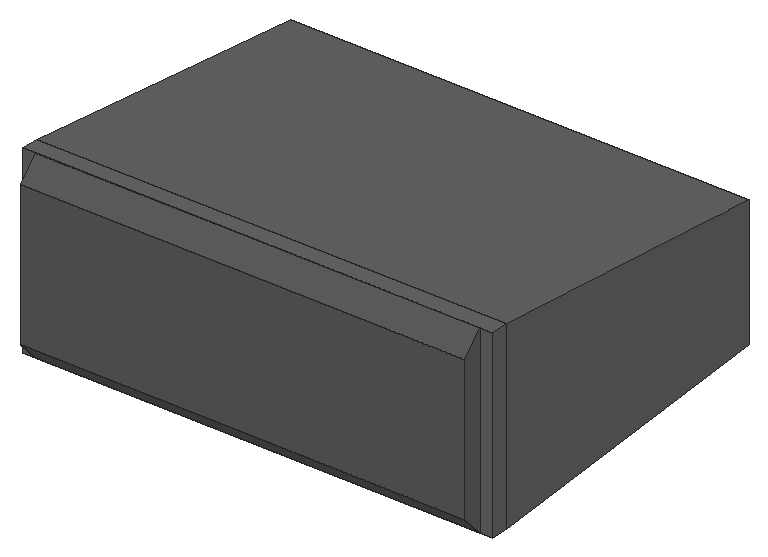
Revit family "WL2102", category Communication Devices, Revit 2012
Parameters
  Width = Enclosure Front Width  # 27.5"
  Weight Product (lb) = 83
  Weight Product (kg) = 37.7
  Weight Dimensional (lb) = 91
  Weight Dimensional (kg) = 41.4
  URL = "http://www.qscaudio.com/products/speakers/isis/wideline/wideline_specifications.htm"
  Sensitivity 3 = 107.5
  Sensitivity 2 = 98
  Sensitivity = 98
  SPL Max = 133
  Regulatory Compliance = "RoHS"
  Product Page URL = "http://www.qscaudio.com/products/speakers/isis/wideline/wideline_specifications.htm"
  Product Documentation Link = "http://media.qscaudio.com/pdfs/Specifications/WideLine10_spec.pdf"
  Power Handling 3 = 80
  Power Handling 2 = 400
  Power Handling = 400
  Model = "WL2102"
  Manufacturer URL = "www.qscaudio.com"
  Manufacturer = "QSC Audio Products, LLC"
  Impedance 3 = 16
  Impedance 2 = 16
  Impedance = 16
  Height = Enclosure Front Height  # 10.75"
  Grille Width = 26"
  Grille Material = Black Grille
  Grille Extent Height = 8.373"
  Grille Depth = 1.125"
  Enclosure Front Width = 27.5"
  Enclosure Rear Width = 26.75"
  Enclosure Rear Height = 7.64062"
  Enclosure Mid Depth = 1"
  Enclosure Material = Black Finish
  Enclosure Front Height = 10.75"
  Enclosure Depth = 18.125"
  Description = "Dual 10\" Line Array Loudspeaker Element"
  Depth = Enclosure Depth + Enclosure Mid Depth + Grille Depth  # 20.25"
  Default Elevation = 0"
  Coverage Vertical = 10.00°
  Coverage Horizontal = 140.00°
Reference planes (in)
  plane 1 "Center (Front/Back) (Grille Extent)": y = 0
  plane 2: z = 0
  plane 3 "Center (Left/Right)": x = 0
  plane 4 "Grille Left": x = -13
  plane 5 "Grille Right": x = 13
  plane 6 "Enclosure Left - Front": x = -13.75
  plane 7 "Enclosure Right - Front": x = 13.75
  plane 8 "Enclosure Right - Rear": x = 13.375
  plane 9 "Enclosure Left - Rear": x = -13.375
  plane 10 "Enclsoure Front - Top": z = 5.375
  plane 11 "Enclosure Front - Bottom": z = -5.375
  plane 12 "Enclosure Rear - Top": z = 3.82031
  plane 13 "Enclosure Rear Bottom": z = -3.82031
  plane 14 "Grille Extent Top": z = 4.1865
  plane 15 "Grille Extent Bottom": z = -4.1865
  plane 16 "Grille Rear": y = 1.125
  plane 17 "Enclosure Rear": y = 20.25
  plane 18 "Enclosure Left Side": through (-13.375, 20.251, 48) normal (-0.9998, 0.0196, 0)
  plane 19 "Enclosure Mid Rear": y = 2.125
  plane 20 "Enclosure Right Side": through (13.375, 20.251, 48) normal (0.9998, 0.0207, 0)
Forms (in)
  Blend 1, solid, material "Black Grille" <- "Grille Material"
    base sketch origin (-29.6637, 1.125, 48) x (1, 0, 0) y (0, 0, 1)
      loop
        line (16.6637, -42.625) -> (16.6637, -53.375) -> (42.6637, -53.375) -> (42.6637, -42.625) -> (16.6637, -42.625)
    top sketch origin (-29.6637, 1.125, 48) x (1, 0, 0) y (0, 0, 1)
      loop
        line (16.6637, -43.8135) -> (16.6637, -52.1865) -> (42.6637, -52.1865) -> (42.6637, -43.8135) -> (16.6637, -43.8135)
    from 0 to 1.125 <- "Grille Depth"
  Blend 2, solid, material "Black Finish" <- "Enclosure Material"
    base sketch origin (-29.6637, 20.25, 48) x (1, 0, 0) y (0, 0, 1)
      loop
        line (16.2887, -44.17969) -> (16.2887, -51.82031) -> (43.0387, -51.82031) -> (43.0387, -44.17969) -> (16.2887, -44.17969)
    top sketch origin (-29.6637, 20.25, 48) x (1, 0, 0) y (0, 0, 1)
      loop
        line (15.9137, -42.625) -> (15.9137, -53.375) -> (43.4137, -53.375) -> (43.4137, -42.625) -> (15.9137, -42.625)
    from 0 to 18.125 <- "Enclosure Depth"
  Extrusion 3, solid, material "Black Finish" <- "Enclosure Material"
    sketch origin (-29.6637, 2.125, 48) x (1, 0, 0) y (0, 0, 1)
      loop
        line (15.9137, -42.625) -> (15.9137, -53.375) -> (43.4137, -53.375) -> (43.4137, -42.625) -> (15.9137, -42.625)
    from 0 to 1 <- "Enclosure Mid Depth"
  Extrusion 4, void
    sketch origin (-29.6637, 20.25, 48) x (-1, 0, 0) y (0, 0, 1)
      loop
        line (-33.49644, -46.05276) -> (-33.49644, -47.55276) -> (-31.99644, -47.55276) -> (-31.99644, -46.05276) -> (-33.49644, -46.05276)
    from 0 to -0.1
  Extrusion 5, void
    sketch origin (-29.6637, 20.25, -48) x (-1, 0, 0) y (0, 0, 1)
      loop
        line (-33.49644, 46.05276) -> (-31.99644, 46.05276) -> (-31.99644, 47.55276) -> (-33.49644, 47.55276) -> (-33.49644, 46.05276)
    from 0 to -0.1
Cuts and joins
  Extrusion 4, Extrusion 5 cuts Blend 2
  Extrusion 4, Extrusion 5 cuts Extrusion 3
  joined: Blend 2, Extrusion 3
Lines and regions (in)
  model lines
    curve 1: line (13.76288, 6.426, 2.1875) -> (13.62713, 12.9876, 2.1875)
    curve 2: line (13.76288, 6.426, -2.1875) -> (13.76288, 6.426, 2.1875)
    curve 3: line (13.62713, 12.9876, -2.1875) -> (13.76288, 6.426, -2.1875)
    curve 4: line (13.62713, 12.9876, 2.1875) -> (13.62713, 12.9876, -2.1875)
    curve 5: line (13.71762, 8.61353, -2.1875) -> (13.71762, 8.61353, 2.1875)
    curve 6: line (13.69694, 9.61332, 2.1875) -> (13.69694, 9.61332, -2.1875)
    curve 13: line (-13.52528, 12.98668, 2.1875) -> (-13.66103, 6.42508, 2.1875)
    curve 14: line (-13.52528, 12.98668, -2.1875) -> (-13.52528, 12.98668, 2.1875)
    curve 15: line (-13.66103, 6.42508, -2.1875) -> (-13.52528, 12.98668, -2.1875)
    curve 16: line (-13.66103, 6.42508, 2.1875) -> (-13.66103, 6.42508, -2.1875)
    curve 17: line (-13.59509, 9.6124, -2.1875) -> (-13.59509, 9.6124, 2.1875)
    curve 18: line (-13.61577, 8.61261, 2.1875) -> (-13.61577, 8.61261, -2.1875)
    curve 19: line (11.374, 20.251, -2.3125) -> (11.374, 20.251, 2.3125)
    curve 20: line (10.768, 20.251, 2.3125) -> (10.768, 20.251, -2.3125)
    curve 21: arc (10.768, 20.251, 2.3125) -> (11.071, 20.251, 2.6155) -> (11.374, 20.251, 2.3125) r 0.303
    curve 22: arc (10.768, 20.251, -2.3125) -> (11.071, 20.251, -2.6155) -> (11.374, 20.251, -2.3125) r 0.303
    curve 27: line (-11.374, 20.25, -2.3125) -> (-11.374, 20.25, 2.3125)
    curve 28: line (-10.768, 20.25, 2.3125) -> (-10.768, 20.25, -2.3125)
    curve 29: arc (-10.768, 20.25, 2.3125) -> (-11.071, 20.25, 2.6155) -> (-11.374, 20.25, 2.3125) r 0.303
    curve 30: arc (-10.768, 20.25, -2.3125) -> (-11.071, 20.25, -2.6155) -> (-11.374, 20.25, -2.3125) r 0.303
    curve 31: line (5, 20.25, 3.425) -> (-5, 20.25, 3.425)
    curve 32: line (5, 20.25, -3.425) -> (5, 20.25, 3.425)
    curve 33: line (-5, 20.25, -3.425) -> (5, 20.25, -3.425)
    curve 34: line (-5, 20.25, 3.425) -> (-5, 20.25, -3.425)
  model lines, not visible
    curve 7: line (13.69323, 4.86978, 3.0625) -> (13.55747, 11.43138, 3.0625)
    curve 8: line (13.69323, 4.86978, -1.3125) -> (13.69323, 4.86978, 3.0625)
    curve 9: line (13.55747, 11.43138, -1.3125) -> (13.69323, 4.86978, -1.3125)
    curve 10: line (13.55747, 11.43138, 3.0625) -> (13.55747, 11.43138, -1.3125)
    curve 11: line (13.64797, 7.05731, -1.3125) -> (13.64797, 7.05731, 3.0625)
    curve 12: line (13.62729, 8.0571, 3.0625) -> (13.62729, 8.0571, -1.3125)
    curve 23: line (11.84402, 20.251, -2.1875) -> (11.84402, 20.251, 2.4375)
    curve 24: line (11.23802, 20.251, 2.4375) -> (11.23802, 20.251, -2.1875)
    curve 25: arc (11.23802, 20.251, 2.4375) -> (11.54102, 20.251, 2.7405) -> (11.84402, 20.251, 2.4375) r 0.303
    curve 26: arc (11.23802, 20.251, -2.1875) -> (11.54102, 20.251, -2.4905) -> (11.84402, 20.251, -2.1875) r 0.303
    curve 35: line (-11.374, 20.25, -2.3125) -> (-11.374, 20.25, 2.3125)
    curve 36: line (-10.768, 20.25, 2.3125) -> (-10.768, 20.25, -2.3125)
    curve 37: arc (-10.768, 20.25, 2.3125) -> (-11.071, 20.25, 2.6155) -> (-11.374, 20.25, 2.3125) r 0.303
    curve 38: arc (-10.768, 20.25, -2.3125) -> (-11.071, 20.25, -2.6155) -> (-11.374, 20.25, -2.3125) r 0.303
    curve 39: line (-13.52528, 12.98668, 2.1875) -> (-13.66103, 6.42508, 2.1875)
    curve 40: line (-13.52528, 12.98668, -2.1875) -> (-13.52528, 12.98668, 2.1875)
    curve 41: line (-13.66103, 6.42508, -2.1875) -> (-13.52528, 12.98668, -2.1875)
    curve 42: line (-13.66103, 6.42508, 2.1875) -> (-13.66103, 6.42508, -2.1875)
    curve 43: line (-13.59509, 9.6124, -2.1875) -> (-13.59509, 9.6124, 2.1875)
    curve 44: line (-13.61577, 8.61261, 2.1875) -> (-13.61577, 8.61261, -2.1875)
Dimensions and locks (in)
  equal spacing: plane 5 "Grille Right", plane 3 "Center (Left/Right)", plane 4 "Grille Left"
  "Grille Width": plane 5 "Grille Right" to plane 4 "Grille Left"
  equal spacing: plane 9 "Enclosure Left - Rear", plane 3 "Center (Left/Right)", plane 8 "Enclosure Right - Rear"
  "Enclosure Rear Width": plane 8 "Enclosure Right - Rear" to plane 9 "Enclosure Left - Rear"
  equal spacing: plane 6 "Enclosure Left - Front", plane 3 "Center (Left/Right)", plane 7 "Enclosure Right - Front"
  "Enclosure Front Width": plane 7 "Enclosure Right - Front" to plane 6 "Enclosure Left - Front"
  equal spacing: plane 10 "Enclsoure Front - Top", level, plane 11 "Enclosure Front - Bottom"
  "Enclosure Front Height": plane 10 "Enclsoure Front - Top" to plane 11 "Enclosure Front - Bottom"
  equal spacing: plane 12 "Enclosure Rear - Top", level, plane 13 "Enclosure Rear Bottom"
  "Enclosure Rear Height": plane 12 "Enclosure Rear - Top" to plane 13 "Enclosure Rear Bottom"
  equal spacing: plane 14 "Grille Extent Top", level, plane 15 "Grille Extent Bottom"
  "Grille Extent Height": plane 14 "Grille Extent Top" to plane 15 "Grille Extent Bottom"
  "Grille Depth": plane 16 "Grille Rear" to plane 1 "Center (Front/Back) (Grille Extent)"
  "Enclosure Depth": plane 17 "Enclosure Rear" to plane 19 "Enclosure Mid Rear"
  "Enclosure Mid Depth": plane 19 "Enclosure Mid Rear" to plane 16 "Grille Rear"
  aligned and locked: plane 2 to level
  aligned and locked: plane 10 "Enclsoure Front - Top" to Blend 1 sketch curve
  aligned and locked: Blend 1 sketch curve to plane 4 "Grille Left"
  aligned and locked: plane 11 "Enclosure Front - Bottom" to Blend 1 sketch curve
  aligned and locked: Blend 1 sketch curve to plane 5 "Grille Right"
  aligned and locked: plane 14 "Grille Extent Top" to Blend 1 sketch curve
  aligned and locked: var sketch to Blend 1 sketch curve  (x2)
  aligned and locked: plane 15 "Grille Extent Bottom" to Blend 1 sketch curve
  aligned and locked: Blend 2 sketch curve to plane 12 "Enclosure Rear - Top"
  aligned and locked: Blend 2 sketch curve to plane 9 "Enclosure Left - Rear"
  aligned and locked: Blend 2 sketch curve to plane 13 "Enclosure Rear Bottom"
  aligned and locked: Blend 2 sketch curve to plane 8 "Enclosure Right - Rear"
  aligned and locked: Blend 2 sketch curve to plane 10 "Enclsoure Front - Top"
  aligned and locked: Blend 2 sketch curve to plane 6 "Enclosure Left - Front"
  aligned and locked: Blend 2 sketch curve to plane 11 "Enclosure Front - Bottom"
  aligned and locked: Blend 2 sketch curve to plane 7 "Enclosure Right - Front"
  aligned and locked: plane 10 "Enclsoure Front - Top" to Extrusion 3 sketch curve
  aligned and locked: Extrusion 3 sketch curve to plane 6 "Enclosure Left - Front"
  aligned and locked: plane 11 "Enclosure Front - Bottom" to Extrusion 3 sketch curve
  aligned and locked: Extrusion 3 sketch curve to plane 7 "Enclosure Right - Front"
Automatic sketch dimensions
  curve 31 to plane 12 "Enclosure Rear - Top" = 0.39531"
  curve 31 to plane 3 "Center (Left/Right)" = 5"
  curve 33 to plane 13 "Enclosure Rear Bottom" = 0.39531"
  plane 3 "Center (Left/Right)" to curve 33 = 5"
  level to Extrusion 4 sketch curve = 0.44724"
  plane 3 "Center (Left/Right)" to Extrusion 4 sketch curve = 3.83274"
  Extrusion 4 sketch curve to Extrusion 4 sketch curve = 1.5"  (x2)
  Extrusion 5 sketch curve to level = 0.44724"
  plane 3 "Center (Left/Right)" to Extrusion 5 sketch curve = 3.83274"
  Extrusion 5 sketch curve to Extrusion 5 sketch curve = 1.5"  (x2)
Connectors (in)
  electrical at (3.08274, 20.15, 1.19724)
    settings: on cut or joined group of Blend 2, Extrusion 3, Extrusion 4, Extrusion 5, index 1, voltage 0 V, apparent load 0 VA, apparent load phase1 0 VA, apparent load phase2 0 VA, apparent load phase3 0 VA, power factor 1, load classification "Other", number of poles 1, system type 14, power factor state 1, is connector primary yes, connector utility no, sub classification motor no, connector description "Speaker Input/Output (Parallel)"
  electrical at (3.08274, 20.15, -1.19724)
    settings: on cut or joined group of Blend 2, Extrusion 3, Extrusion 4, Extrusion 5, index 2, voltage 0 V, apparent load 0 VA, apparent load phase1 0 VA, apparent load phase2 0 VA, apparent load phase3 0 VA, power factor 1, load classification "Other", number of poles 1, system type 14, power factor state 1, is connector primary no, connector utility no, sub classification motor no, connector description "Speaker Input/Output (Parallel)"
